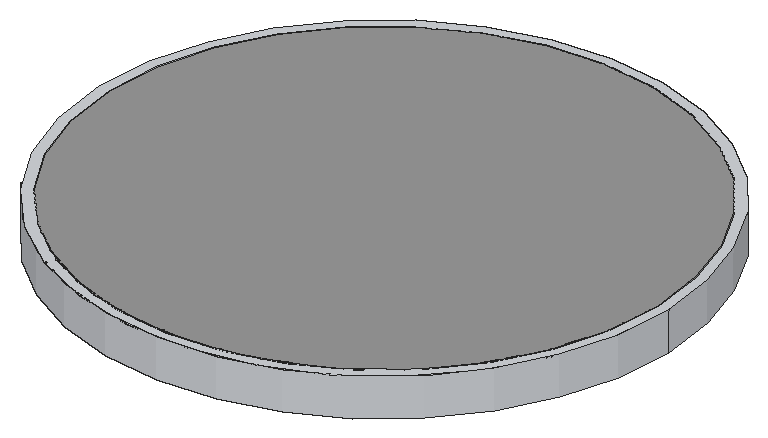
Revit family "2071273", category Lighting Fixtures, host Face, Revit 2018
Family settings
  Host = Face
  Round Connector Dimension = Use Diameter
  Part Type = Normal
  OmniClass Number = 23.80.70.00
  OmniClass Title = Lighting
  Cut with Voids When Loaded = No
  Light Source = Yes
  Shared = No
  Room Calculation Point = No
Parameters (values of type "2071273 COLOSSAL 900 940 OP DIR+H WHT DALI")
  iner diameter = 856 mm
  Weight = "n/a"
  Wattage Comments = ""
  Wattage = 30 W
  WarrantyStartDate [instance] = "n/a"
  WarrantyGuarantorParts = "n/a"
  WarrantyDurationUnit = "n/a"
  WarrantyDurationParts = ""
  WarrantyDescription = "http://www.sylvania-lighting.com"
  built-in parameter 1150110 = 1 (stored number, unit not read)
  Voltage = 230 V
  URL = "0.95"
  TypeName = "COLOSSAL 900mm 940 OPAL DIR+HAL WHITE DALI"
  Type Image = <None>
  Type Comments = "n/a"
  built-in parameter 1114217 = 1 (stored number, unit not read)
  Tilt Angle = -90.00°
  built-in parameter 1150109 = 1 (stored number, unit not read)
  built-in parameter 1150134 = (empty or 0)
  built-in parameter 1150113 = 1 (stored number, unit not read)
  SerialNumber [instance] = "n/a"
  Photometric Web File = "2071273.ies"
  Material_3_SYL = LED-Sylvania
  PowerFactor = 0
  PowerConsumption = "Lighting"
  NominalLength = 888 mm
  NominalHeight = 93 mm
  NominalDepth = 888 mm
  Name = "COLOSSAL 900mm 940 OPAL DIR+HAL WHITE DALI"
  ModelReference = Name  # "COLOSSAL 900mm 940 OPAL DIR+HAL WHITE DALI"
  ModelNumber = "2071273"
  Model = Name  # "COLOSSAL 900mm 940 OPAL DIR+HAL WHITE DALI"
  Material = "Feilo Sylvania"
  ManufacturerName = "122 lm/W"
  Manufacturer = ""
  LuminousEfficacy = ""
  built-in parameter 1150105 = 270.44 (stored number, unit not read)
  Lumens = 3398.4 lm
  LuminaireType = "0"
  built-in parameter 1150115 = 1 (stored number, unit not read)
  LightOutputRatio = "LED"
  built-in parameter 1150137 = (empty or 0)
  built-in parameter 1150139 = (empty or 0)
  LampsType = Lamp  # "n/a"
  LampNominalLuminous = "4000 K"
  LampMacAdamStep = "90"
  LampColourTemperature = "LED"
  LampColourRenderingIndex = "16500"
  built-in parameter 1150112 = 1 (stored number, unit not read)
  built-in parameter 1150114 = 1 (stored number, unit not read)
  Lamp = "n/a"
  Keynote = "n/a"
  InstallationDate [instance] = "n/a"
  InputVoltage = "0"
  InputNominalFrequency = "4000"
  built-in parameter 1150132 = (empty or 0)
  built-in parameter 1150102 = (empty or 0)
  built-in parameter 1150107 = 3000 (stored number, unit not read)
  built-in parameter 1150138 = (empty or 0)
  IngressProtection = "IfcLightFixtureType"
  ImpactProtectionIndex = "IfcLightFixtureType"
  built-in parameter 1150106 = 2.7044 (stored number, unit not read)
  IfcExportType = "IfcLightFixtureType"
  IfcExportAs = "Class I"
  Emit from Circle Diameter = 385 mm
  Emit Shape Visible in Rendering = no
  ElectricShockClassification = "122"
  built-in parameter 1150104 = 10.524 (stored number, unit not read)
  DocumentationLiterature = "http://www.sylvania-lighting.com/product/en-int/products/2071273"
  DimmingControlOptions = "n/a"
  Material_2_SYL = Polycarbonate_Sylvania_White
  Dimming Lamp Color Temperature Shift = <None>
  Description = "900mm diameter circular architectural luminaire, can be surface mounted or suspended. Powder coated aluminium housing (RAL9016) with polycarbonate opal diffuser. Direct/indirect (halo) light distribution, 9390lm luminuous flux, 76.8W system power, 122lm/W luminiaire efficacy. DALI dimmable. Colour rendering index Ra >90, 4000K Neutral White LED, chromaticity tolerance of 3-step MacAdam ellipse. IP40/IP20, IK03. 450mA drive current. Electrical protection Class1, 220-240V. Reported lifetime 66k hours L90B10."
  Default Elevation = 1219.2 mm
  CreatedOn = "23/03/2022"
  CreatedBy = "@sylvania-lighting.com"
  Cost = 0
  Color Filter = 16777215
  built-in parameter 1114216 [instance] = (empty or 0)
  ClassificationValue = "EF_70_80"
  ClassificationName = "Uniclass2015"
  Material_1_SYL = Polycarbonate_Sylvania_Opal
  BarCode [instance] = "n/a"
  built-in parameter 1114218 = 1 (stored number, unit not read)
  built-in parameter 1150133 = 10 (stored number, unit not read)
  AssetType = "Fixed"
  AssetIdentifier [instance] = "n/a"
  Assembly Code = "D5020200"
  Apparent Load = 76.8 VA
  Material_4_SYL = none
Reference planes
  plane 1 "Center (Front/Back)": y = 0
  plane 2: z = 0
  plane 3 "Center (Left/Right)": x = 0
  plane 4: z = 1.161
  plane 5: z = 16.161
  plane 6: x = -444
  plane 7: x = 444
  plane 8: y = 444
  plane 9: y = -444
  plane 10: y = 236
  plane 11: y = -236
  plane 12: x = 85
  plane 13: x = -85
  plane 14: through (0, 0, 1219.2) normal (0.5, 0.866, 0)
  plane 15: through (42.5, 73.612, 1219.2) normal (0.5, 0.866, 0)
  plane 16: through (-42.5, -73.612, 1219.2) normal (0.5, 0.866, 0)
  plane 17: through (0, 0, 1219.2) normal (0.5, -0.866, 0)
  plane 18: through (-42.5, 73.612, 1219.2) normal (0.5, -0.866, 0)
  plane 19: through (42.5, -73.612, 1219.2) normal (0.5, -0.866, 0)
  plane 20: z = 93
  plane 21: y = 428
  plane 22: y = -428
Forms (mm)
  Extrusion 1, solid, detail levels medium+fine
    sketch origin (0, 0, 0) x (0.866025, -0.5, 0) y (0.5, 0.866025, 0)
      loop
        circle (-50, 86.603) r 22
    from 0 to 2
  Extrusion 2, solid, detail levels medium+fine
    sketch origin (0, 0, 0) x (0.866025, -0.5, 0) y (0.5, 0.866025, 0)
      loop
        circle (100, 0) r 22
      loop
        circle (-50, -86.603) r 22
    from 0 to 2
  Blend 3, solid, detail levels medium+fine
    base sketch origin (0, 0, 0) x (1, 0, 0) y (0, 1, 0)
      loop
        line (-85, 236) -> (-246.882, -44.388) -> (-161.882, -191.612) -> (161.882, -191.612) -> (246.882, -44.388) -> (85, 236) -> (-85, 236)
    top sketch origin (0, 0, 0) x (1, 0, 0) y (0, 1, 0)
      loop
        line (-85, 283.076) -> (-287.651, -67.926) -> (-207.792, -218.119) -> (207.792, -218.119) -> (292.5, -71.401) -> (85, 283.076) -> (-85, 283.076)
    from 0 to 33.022
  Extrusion 4, solid, detail levels medium+fine
    sketch origin (0, 0, 0) x (1, 0, 0) y (0, 1, 0)
      loop
        circle (0, 0) r 444
    from 33.022 to 93
  Extrusion 5, void
    sketch origin (0, 0, 0) x (1, 0, 0) y (0, 1, 0)
      loop
        circle (0, 0) r 428
    from 96.588 to 37.292
  Extrusion 6, solid, material "Glass, White, High Luminance", detail levels fine
    sketch origin (0, 0, 0) x (1, 0, 0) y (0, 1, 0)
      loop
        circle (0, 0) r 428
    from 87.991 to 93
  Extrusion 7, solid, detail levels coarse
    sketch origin (0, 0, 0) x (1, 0, 0) y (0, 1, 0)
      loop
        line (-444, 444) -> (-444, -444) -> (444, -444) -> (444, 444) -> (-444, 444)
    from 0 to 93.648
Cuts and joins
  Extrusion 5 cuts Extrusion 1
  Extrusion 5 cuts Extrusion 2
  Extrusion 5 cuts Blend 3
  Extrusion 5 cuts Extrusion 4
Lines and regions (mm)
  model lines, detail levels medium+fine
    curve 1: circle (0, 0, 0) r 100 normal (0, 0, 1)
Dimensions and locks
  "NominalDepth": plane 8 to plane 9
  plane 8 to plane 1 "Center (Front/Back)" to plane 9 = 444 mm, 444 mm
  "NominalLength": plane 6 to plane 7
  equal spacing: plane 6, plane 3 "Center (Left/Right)", plane 7
  "NominalHeight": level to plane 20
  "iner diameter": plane 21 to plane 22
  equal spacing: plane 21, plane 1 "Center (Front/Back)", plane 22
  aligned and locked: plane 2 to host face
  aligned and locked: level to host face
Automatic sketch dimensions
  host sketch curve to host sketch curve = 2438.4 mm  (x2)
  Extrusion 1 sketch curve to plane 3 "Center (Left/Right)" = 0 mm
  Extrusion 1 sketch curve to plane 1 "Center (Front/Back)" = 100 mm
  plane 1 "Center (Front/Back)" to Extrusion 2 sketch curve = 50 mm
  Extrusion 2 sketch curve to plane 3 "Center (Left/Right)" = 86.603 mm
  Extrusion 2 sketch curve to Extrusion 2 sketch curve = 150 mm
  Extrusion 2 sketch curve to Extrusion 2 sketch curve = 86.603 mm
  plane 1 "Center (Front/Back)" to curve 1 = 0 mm
  curve 1 to plane 3 "Center (Left/Right)" = 0 mm
  plane 18 to Blend 3 sketch curve = 0 mm  (x2)
  plane 19 to Blend 3 sketch curve = 0 mm  (x2)
  Blend 3 sketch curve to plane 10 = 0 mm
  Blend 3 sketch curve to plane 13 = 0 mm  (x2)
  Blend 3 sketch curve to plane 12 = 0 mm  (x2)
  Blend 3 sketch curve to plane 16 = 0 mm  (x2)
  Blend 3 sketch curve to plane 15 = 0 mm
  plane 11 to Blend 3 sketch curve = 44.388 mm
  plane 1 "Center (Front/Back)" to Blend 3 sketch curve = 44.388 mm  (x2)
  plane 11 to Blend 3 sketch curve = 17.881 mm
  plane 1 "Center (Front/Back)" to Blend 3 sketch curve = 67.926 mm
  plane 1 "Center (Front/Back)" to Blend 3 sketch curve = 71.401 mm
  Blend 3 sketch curve to plane 7 = 151.5 mm
  plane 10 to Blend 3 sketch curve = 47.076 mm
  plane 1 "Center (Front/Back)" to Extrusion 4 sketch curve = 0 mm
  Extrusion 4 sketch curve to plane 3 "Center (Left/Right)" = 0 mm
  plane 1 "Center (Front/Back)" to Extrusion 5 sketch curve = 0 mm
  Extrusion 5 sketch curve to plane 3 "Center (Left/Right)" = 0 mm
  plane 1 "Center (Front/Back)" to Extrusion 6 sketch curve = 0 mm
  Extrusion 6 sketch curve to plane 3 "Center (Left/Right)" = 0 mm
  Extrusion 7 sketch curve to plane 6 = 0 mm
  Extrusion 7 sketch curve to plane 7 = 0 mm
  Extrusion 7 sketch curve to plane 9 = 0 mm
  Extrusion 7 sketch curve to plane 8 = 0 mm
  radius of Extrusion 1 sketch curve = 22 mm
  radius of Extrusion 2 sketch curve = 22 mm  (x2)
  radius of curve 1 = 100 mm
  radius of Extrusion 4 sketch curve = 444 mm
  radius of Extrusion 5 sketch curve = 428 mm
  radius of Extrusion 6 sketch curve = 428 mm
Connectors
  electrical at (0, 0, 0), driven by "Apparent Load", driven by "PowerFactor", driven by "Voltage"
    settings: index 1, voltage 230 V, apparent load 76.8 VA, apparent load phase1 0 VA, apparent load phase2 0 VA, apparent load phase3 0 VA, power factor 0, load classification "Lighting", number of poles 1, system type 30, power factor state 1, is connector primary yes, connector utility no, sub classification motor no, connector description ""
